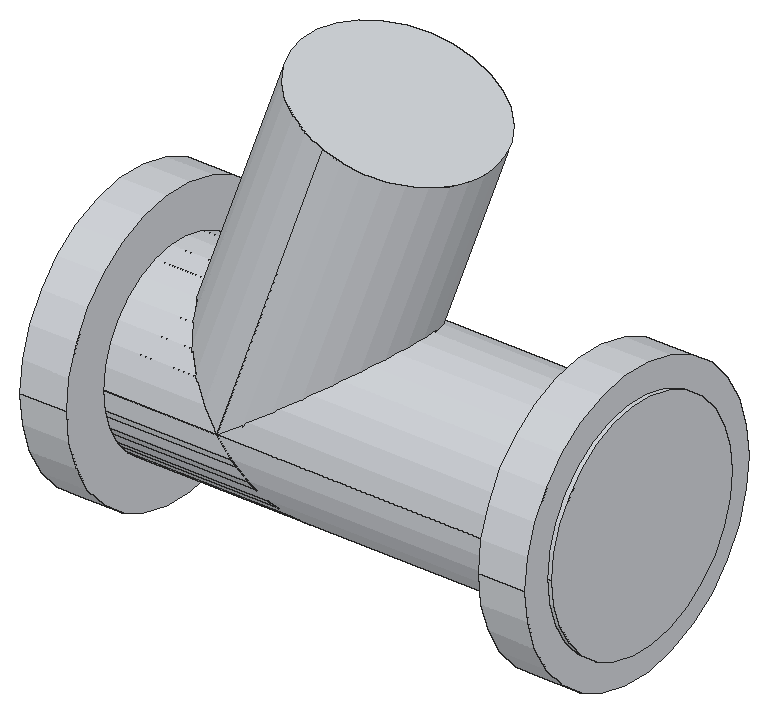
Revit family "447-DN300-RFA_2019", category Pipe Accessories, Revit 2019
Family settings
  Round Connector Dimension = Use Diameter
  Part Type = Valve - Breaks Into
  Work Plane-Based = No
  Always vertical = Yes
  Cut with Voids When Loaded = No
  Shared = No
Parameters (values of type "447-DN300")
  magiProductId = "476300b2e87f4f20bd49d272c44436"
  magiProductFamilyId = "b72cb932c1b3471491e3d369876ba1"
  magiPartTypeId = 304
  isMeasuringValve [instance] = no
  ang2D [instance] = 0.00°
  X2 = 175.429 mm
  X1 = 119 mm
  W2D = 100 mm
  VersionID = "2.0/2017.9.26.1/ZETKAMA_447_001"
  Use Minimum Symbol Size [instance] = yes
  URL = "http://www.hydronix.cz"
  Type Comments = "přírubový; PN16; -10~+120°C"
  S = 370 mm
  QmdConnectorList = "301;D;302;D"
  Productdata [instance] = ""
  Manufacturer = "Hydronix"
  MC Product Code = "447 300 (DN300; PN16 kvs1504)"
  MC Piping Given Pressure Drop [instance] = 0.0 Pa
  LM1 = 68 mm
  LM = 680 mm
  L2D_Min = 3048 mm
  L2D = 350 mm
  L2 = 425 mm
  HH1 = 481.987 mm
  FD = 460 mm
  Description = "Ruční vyvažovací ventil přírubový; DN300; PN16; kvs1504"
  DT = 310 mm
  D = 300 mm
  CC = 8.5 mm
  CAT0 = yes
  C1 = 76.5 mm
  C = 85 mm
Types (10, lengths in mm): name | magiProductId | X2 | X1 | S | MC Product Code | LM1 | LM | L2 | HH1 | FD | Description | DT | D | CC | C1 | C
  447-DN100 | "98b46d48787042dd9a812fc0797c69" | 79.261 | 49 | 156 | "447 100 (DN100; PN16 kvs184,7)" | 28 | 280 | 175 | 217.769 | 220 | "Ruční vyvažovací ventil přírubový; DN100; PN16; kvs184,7" | 130 | 100 | 3.5 | 31.5 | 35
  447-DN125 | "02b47ccb17f74d08923d86f3fe118e" | 86.541 | 56 | 184 | "447 125 (DN125; PN16 kvs285,1)" | 32 | 320 | 200 | 237.769 | 250 | "Ruční vyvažovací ventil přírubový; DN125; PN16; kvs285,1" | 130 | 125 | 4 | 36 | 40
  447-DN150 | "7f7b5672e2b748ca8839732ddacd1d" | 95.64 | 67.2 | 211 | "447 150 (DN150; PN16 kvs390,2)" | 38.4 | 384 | 240 | 262.769 | 285 | "Ruční vyvažovací ventil přírubový; DN150; PN16; kvs390,2" | 130 | 150 | 4.8 | 43.2 | 48
  447-DN200 | "e1019e6fc9b647ceac6d31797e2f53" | 155.411 | 84 | 266 | "447 200 (DN200; PN16 kvs710)" | 48 | 480 | 300 | 426.987 | 340 | "Ruční vyvažovací ventil přírubový; DN200; PN16; kvs710" | 310 | 200 | 6 | 54 | 60
  447-DN250 | "a0eac83e29f84220b7ba68901aa49e" | 171.789 | 102.2 | 319 | "447 250 (DN250; PN16 kvs1188)" | 58.4 | 584 | 365 | 471.987 | 405 | "Ruční vyvažovací ventil přírubový; DN250; PN16; kvs1188" | 310 | 250 | 7.3 | 65.7 | 73
  447-DN300 | "476300b2e87f4f20bd49d272c44436" | 175.429 | 119 | 370 | "447 300 (DN300; PN16 kvs1504)" | 68 | 680 | 425 | 481.987 | 460 | "Ruční vyvažovací ventil přírubový; DN300; PN16; kvs1504" | 310 | 300 | 8.5 | 76.5 | 85
  447-DN040 | "1b02107dafeb4f5588628c478854c2" | 42.71 | 28 | 84 | "447 040 (DN40; PN16 kvs22,36)" | 16 | 160 | 100 | 117.345 | 150 | "Ruční vyvažovací ventil přírubový; DN40; PN16; kvs22,36" | 74 | 40 | 2 | 18 | 20
  447-DN050 | "5ed7087ff739473a8b86e2dbbe5062" | 42.71 | 32.2 | 99 | "447 050 (DN50; PN16 kvs32,15)" | 18.4 | 184 | 115 | 117.345 | 165 | "Ruční vyvažovací ventil přírubový; DN50; PN16; kvs32,15" | 74 | 50 | 2.3 | 20.7 | 23
  447-DN065 | "bd77367604f142d88050bf73c88c7b" | 71.982 | 40.6 | 118 | "447 065 (DN65; PN16 kvs88,8)" | 23.2 | 232 | 145 | 197.769 | 185 | "Ruční vyvažovací ventil přírubový; DN65; PN16; kvs88,8" | 130 | 65 | 2.9 | 26.1 | 29
  447-DN080 | "7399fcf493614c92ad9035a8ac3adf" | 71.982 | 43.4 | 132 | "447 080 (DN80; PN16 kvs113,4)" | 24.8 | 248 | 155 | 197.769 | 200 | "Ruční vyvažovací ventil přírubový; DN80; PN16; kvs113,4" | 130 | 80 | 3.1 | 27.9 | 31
Reference planes
  plane 1 "Center (Front/Back)": y = 0
  plane 2 "XYPLANE": z = 0
  plane 3 "Center (Left/Right)": x = 0
  plane 4 "110": x = 22.429
  plane 5 "109": z = 481.987
  plane 6 "108": x = -153
  plane 7 "107": x = 416.5
  plane 8 "106": x = -416.5
  plane 9 "105": z = 0
  plane 10 "104": y = 0
  plane 11 "103": x = -425
  plane 12 "102": x = 425
  plane 13 "100": x = -340
  plane 14 "99": x = 340
  plane 15 "98": x = -272
Forms (mm)
  Extrusion 1, solid, visible <- "CAT0"
    sketch origin (-340, -750, 0) x (0, 1, 0) y (0, 0, 1)
      loop
        circle (750, 0) r 155
    from 0 to 680 <- "LM"
  Sweep 2, solid, visible <- "CAT0"
    path origin (750, 0, 0) x (-1, 0, 0) y (0, 0, 1)
      loop
        line (1090, 0) -> (903, 0) -> (727.571, 481.987)
    profile origin (-340, 0, 0) x (0, 0, -1) y (0, 1, 0)
      loop
        circle (0, 0) r 155
  Extrusion 3, solid
    sketch origin (416.5, -750, 0) x (0, 1, 0) y (0, 0, 1)
      loop
        circle (750, 0) r 185
    from 0 to 8.5 <- "CC"
  Extrusion 4, solid
    sketch origin (340, -750, 0) x (0, 1, 0) y (0, 0, 1)
      loop
        circle (750, 0) r 230
    from 0 to 76.5 <- "C1"
  Extrusion 5, solid
    sketch origin (-416.5, -750, 0) x (0, 1, 0) y (0, 0, 1)
      loop
        circle (750, 0) r 230
    from 0 to 76.5 <- "C1"
  Extrusion 6, solid
    sketch origin (-425, -750, 0) x (0, 1, 0) y (0, 0, 1)
      loop
        circle (750, 0) r 185
    from 0 to 8.5 <- "CC"
  Extrusion 7, solid, not visible
    sketch origin (-425, -750, 0) x (0, 1, 0) y (0, 0, 1)
      loop
        circle (750, 0) r 10
    from 0 to 10
  Extrusion 8, solid, not visible
    sketch origin (425, -750, 0) x (0, 1, 0) y (0, 0, 1)
      loop
        circle (750, 0) r 10
    from 0 to -10
Lines and regions (mm)
  reference lines, not visible
    curve 1: circle (2, 2, 0) r 1 normal (0, 0, 1)
Dimensions and locks
  plane 1 "Center (Front/Back)" to curve 1 = 2 mm
  "X2": plane 6 "108" to plane 4 "110"
  "HH1": plane 2 "XYPLANE" to plane 5 "109"
  "X1": plane 15 "98" to plane 6 "108"
  "C1": plane 14 "99" to plane 7 "107"
  "CC": plane 11 "103" to plane 8 "106"
  locked: plane 2 "XYPLANE" to plane 9 "105"
  locked: plane 1 "Center (Front/Back)" to plane 10 "104"
  "L2": plane 3 "Center (Left/Right)" to plane 11 "103"
  "L2": plane 3 "Center (Left/Right)" to plane 12 "102"
  "C": plane 11 "103" to plane 13 "100"
  "LM": plane 13 "100" to plane 14 "99"
  "LM1": plane 13 "100" to plane 15 "98"
  Sweep 2 sketch curve to Sweep 2 sketch curve = 0 mm  (x2)
  "DT": diameter of Extrusion 1 sketch curve
  "DT": diameter of Sweep 2 sketch curve
  "S": diameter of Extrusion 3 sketch curve
  "FD": diameter of Extrusion 4 sketch curve
  "FD": diameter of Extrusion 5 sketch curve
  "S": diameter of Extrusion 6 sketch curve
  aligned and locked: level to plane 2 "XYPLANE"
  aligned and locked: plane 9 "105" to Extrusion 1 sketch curve
  aligned and locked: Extrusion 1 sketch curve to plane 10 "104"
  aligned and locked: plane 9 "105" to Sweep 2 sketch curve  (x3)
  aligned and locked: Sweep 2 sketch curve to plane 10 "104"
  aligned and locked: plane 13 "100" to Sweep 2 sketch curve
  aligned and locked: plane 6 "108" to Sweep 2 sketch curve
  aligned and locked: plane 4 "110" to Sweep 2 sketch curve
  aligned and locked: plane 5 "109" to Sweep 2 sketch curve
  aligned and locked: plane 9 "105" to Extrusion 3 sketch curve
  aligned and locked: Extrusion 3 sketch curve to plane 10 "104"
  aligned and locked: plane 9 "105" to Extrusion 4 sketch curve
  aligned and locked: Extrusion 4 sketch curve to plane 10 "104"
  aligned and locked: plane 9 "105" to Extrusion 5 sketch curve
  aligned and locked: Extrusion 5 sketch curve to plane 10 "104"
  aligned and locked: plane 9 "105" to Extrusion 6 sketch curve
  aligned and locked: Extrusion 6 sketch curve to plane 10 "104"
  aligned and locked: plane 9 "105" to Extrusion 7 sketch curve
  aligned and locked: Extrusion 7 sketch curve to plane 10 "104"
  aligned and locked: plane 9 "105" to Extrusion 8 sketch curve
  aligned and locked: Extrusion 8 sketch curve to plane 10 "104"
Automatic sketch dimensions
  plane 1 "Center (Front/Back)" to Extrusion 7 sketch curve = 10 mm
  plane 1 "Center (Front/Back)" to Extrusion 8 sketch curve = 10 mm
  plane 3 "Center (Left/Right)" to curve 1 = 2 mm
  radius of curve 1 = 1 mm
Connectors
  piping at (-425, 0, 0), diameter 300, driven by "D"
    settings: on Extrusion 7, index 1, connector inside diameter 609.6 mm, connector length 0 mm, flow factor 0, pipe flow 0.0 L/s, pressure drop 0.0 Pa, fitting loss kfactor 0, connector angle 0.00°, fixture units 0, engagement length 0 mm, angle of deflection 0.00°, flow configuration 0, flow direction 0, fitting loss method 0, system type 29, joint type 0, gender type 0, connector reference index 2, connector utility 0, adjustable connector no, is connector primary yes, connector description ""
  piping at (425, 0, 0), diameter 300, driven by "D"
    settings: on Extrusion 8, index 2, connector inside diameter 609.6 mm, connector length 0 mm, flow factor 0, pipe flow 0.0 L/s, pressure drop 0.0 Pa, fitting loss kfactor 0, connector angle 0.00°, fixture units 0, engagement length 0 mm, angle of deflection 0.00°, flow configuration 0, flow direction 0, fitting loss method 0, system type 29, joint type 0, gender type 0, connector reference index 1, connector utility 0, adjustable connector no, is connector primary no, connector description ""
